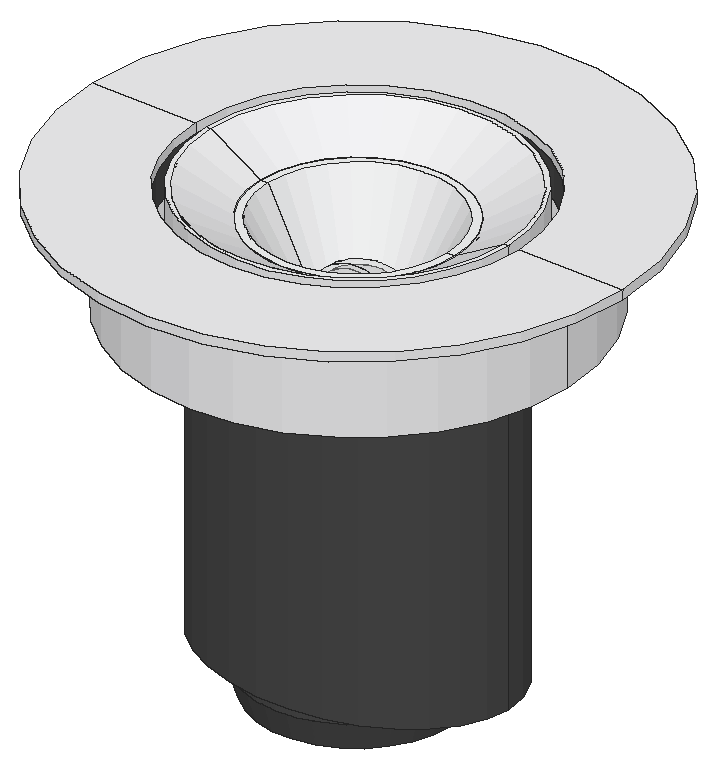
Revit family "Lighting Fixture_Sylvania_Expospot 50 Adjustable_Ceiling Recessed1", category Lighting Fixtures, host Face, Revit 2016
Family settings
  Host = Face
  Part Type = Normal
  Round Connector Dimension = Use Diameter
  OmniClass Number = 23.80.70.11.17
  OmniClass Title = Specialized Lighting by Location or Use
  Cut with Voids When Loaded = No
  Light Source = No
  Shared = No
  Room Calculation Point = No
Parameters (values of type "EXPOSPOT 50 ADJ 80 3K NB WHT")
  Weight = 0.52 kg  # constant formula
  Total Power Consumption = 12.9997 W
  Reflector Material = Aluminum_Sylvania_Expospot_Polished
  Radius = Diameter / 2  # 60.5 mm
  Product Code = "0060213"
  Photometric Web File = IES_Expospot_50_Adjustable : 0060213
  Photobiological Risk Group = "RG1"  # constant formula
  Nominal Frequency = "50/60Hz"  # constant formula
  Mounting Outer Radius = Head Radius + 3.0 mm  # 37.5 mm
  Max. Luminaires per 20A C Breaker = "78"  # constant formula
  Max. Luminaires per 20A B Breaker = "47"  # constant formula
  Max. Luminaires per 16A C Breaker = "61"  # constant formula
  Max. Luminaires per 16A B Breaker = "37"  # constant formula
  Max. Luminaires per 13A C Breaker = "50"  # constant formula
  Max. Luminaires per 13A B Breaker = "30"  # constant formula
  Max. Luminaires per 10A C Breaker = "38"  # constant formula
  Max. Luminaires per 10A B Breaker = "23"  # constant formula
  Light Loss Factor = 1  # constant formula
  Lamp Power Factor = 0.83  # constant formula
  LOR = "100%"  # constant formula
  Inrush Duration = "199µs"  # constant formula
  Inrush Current = 17 A  # constant formula
  Initial Intensity = 1352 lm
  Initial Color = 3000 K
  IP Rating = "IP20"  # constant formula
  IK Rating = "IK02"  # constant formula
  Height = 103.0 mm  # constant formula
  Voltage Comments = "220-240V~"  # constant formula
  Voltage = 240 V  # constant formula
  URL = "http://www.sylvania-lighting.com/product/en-int/category/interior-lighting/accent-downlights/families/expospot-led/expospot-50-adjustable"
  Product Page URL = "http://www.sylvania-lighting.com/product/en-int/products/0060213"
  Product Family = "EXPOSPOT 50 ADJUSTABLE"  # constant formula
  Head Radius = Radius - 26.0 mm  # 34.5 mm
  Head Diameter = Head Radius * 2  # 69.0 mm
  Head Angle [instance] = 0°
  Glow Wire Test = 850 °C  # constant formula
  Electrical Protection = "Class II"  # constant formula
  Drive Current = "300mA"  # constant formula
  Dimmable = "N"  # constant formula
  Diffuser Material = Acrylic_Sylvania_Expospot_3000K
  Diameter = 121.0 mm  # constant formula
  Cutout Diameter = Diameter - 11.0 mm  # 110.0 mm
  Created by URL = "http://all1studio.com/"
  Created by = "All 1 Studio Ltd. "  # constant formula
  Control Gear Type = "Electronic"  # constant formula
  Control Gear Required = "No"  # constant formula
  Control Gear Mounting = "Remote"  # constant formula
  Colour Variation Initial = "3SDCM"  # constant formula
  built-in parameter 1114216 [instance] = 1 (stored number, unit not read)
  Model = "EXPOSPOT 50 ADJ 80 3K NB WHT"
  Manufacturer = "Feilo Sylvania"  # constant formula
  Lamp = "LED"  # constant formula
  CRI = "80Ra"
  Body Material = Aluminum_Sylvania_Expospot_White
  Description = "Specifically designed for Retail and Display applications. I.e. Supermarkets Fashion Retail Department stores. Build around a 50mm reflector and lens combination."  # constant formula
  Default Elevation = 0.0 mm
  built-in parameter 1140040 [instance] = 1
  Beam Angle = 22°
  Average Life = "50 000h"  # constant formula
  Assembly Code = "D5020200"
  Apparent Load Comments = ""
  Apparent Load = 12.9997 VA
  Body Secondary Material = Plastic_Sylvania_Expospot_Black
Types (12, lengths in mm): name | Product Code | Photometric Web File | Initial Intensity | Initial Color | Product Page URL | Diffuser Material | Model | CRI | Beam Angle
  EXPOSPOT 50 ADJ 90 4K WB WHT | "0060224" | IES_Expospot_50_Adjustable : 0060224 | 1216 lm | 4000 K | "http://www.sylvania-lighting.com/product/en-int/products/0060224" | Acrylic_Sylvania_Expospot_4000K | "EXPOSPOT 50 ADJ 90 4K WB WHT" | "90Ra" | 41°
  EXPOSPOT 50 ADJ 90 4K MB WHT | "0060223" | IES_Expospot_50_Adjustable : 0060223 | 1156 lm | 4000 K | "http://www.sylvania-lighting.com/product/en-int/products/0060223" | Acrylic_Sylvania_Expospot_4000K | "EXPOSPOT 50 ADJ 90 4K MB WHT" | "90Ra" | 33°
  EXPOSPOT 50 ADJ 90 4K NB WHT | "0060222" | IES_Expospot_50_Adjustable : 0060222 | 1141 lm | 4000 K | "http://www.sylvania-lighting.com/product/en-int/products/0060222" | Acrylic_Sylvania_Expospot_4000K | "EXPOSPOT 50 ADJ 90 4K NB WHT" | "90Ra" | 22°
  EXPOSPOT 50 ADJ 90 3K WB WHT | "0060221" | IES_Expospot_50_Adjustable : 0060221 | 1114 lm | 3000 K | "http://www.sylvania-lighting.com/product/en-int/products/0060221" | Acrylic_Sylvania_Expospot_3000K | "EXPOSPOT 50 ADJ 90 3K WB WHT" | "90Ra" | 45°
  EXPOSPOT 50 ADJ 90 3K MB WHT | "0060220" | IES_Expospot_50_Adjustable : 0060220 | 1098 lm | 3000 K | "http://www.sylvania-lighting.com/product/en-int/products/0060220" | Acrylic_Sylvania_Expospot_3000K | "EXPOSPOT 50 ADJ 90 3K MB WHT" | "90Ra" | 33°
  EXPOSPOT 50 ADJ 90 3K NB WHT | "0060219" | IES_Expospot_50_Adjustable : 0060219 | 1147 lm | 3000 K | "http://www.sylvania-lighting.com/product/en-int/products/0060219" | Acrylic_Sylvania_Expospot_3000K | "EXPOSPOT 50 ADJ 90 3K NB WHT" | "90Ra" | 22°
  EXPOSPOT 50 ADJ 80 4K WB WHT | "0060218" | IES_Expospot_50_Adjustable : 0060218 | 1363 lm | 4000 K | "http://www.sylvania-lighting.com/product/en-int/products/0060218" | Acrylic_Sylvania_Expospot_4000K | "EXPOSPOT 50 ADJ 80 4K WB WHT" | "80Ra" | 50°
  EXPOSPOT 50 ADJ 80 4K MB WHT | "0060217" | IES_Expospot_50_Adjustable : 0060217 | 1420 lm | 4000 K | "http://www.sylvania-lighting.com/product/en-int/products/0060217" | Acrylic_Sylvania_Expospot_4000K | "EXPOSPOT 50 ADJ 80 4K MB WHT" | "80Ra" | 32°
  EXPOSPOT 50 ADJ 80 4K NB WHT | "0060216" | IES_Expospot_50_Adjustable : 0060216 | 1401 lm | 4000 K | "http://www.sylvania-lighting.com/product/en-int/products/0060216" | Acrylic_Sylvania_Expospot_4000K | "EXPOSPOT 50 ADJ 80 4K NB WHT" | "80Ra" | 22°
  EXPOSPOT 50 ADJ 80 3K WB WHT | "0060215" | IES_Expospot_50_Adjustable : 0060215 | 1297 lm | 3000 K | "http://www.sylvania-lighting.com/product/en-int/products/0060215" | Acrylic_Sylvania_Expospot_3000K | "EXPOSPOT 50 ADJ 80 3K WB WHT" | "80Ra" | 51°
  EXPOSPOT 50 ADJ 80 3K MB WHT | "0060214" | IES_Expospot_50_Adjustable : 0060214 | 1315 lm | 3000 K | "http://www.sylvania-lighting.com/product/en-int/products/0060214" | Acrylic_Sylvania_Expospot_3000K | "EXPOSPOT 50 ADJ 80 3K MB WHT" | "80Ra" | 35°
  EXPOSPOT 50 ADJ 80 3K NB WHT | "0060213" | IES_Expospot_50_Adjustable : 0060213 | 1352 lm | 3000 K | "http://www.sylvania-lighting.com/product/en-int/products/0060213" | Acrylic_Sylvania_Expospot_3000K | "EXPOSPOT 50 ADJ 80 3K NB WHT" | "80Ra" | 22°
Reference planes
  plane 1 "Center (Front/Back)": y = 0
  plane 2: z = 0
  plane 3 "Center (Left/Right)": x = -7.423
  plane 4: z = 2
  plane 5: z = -22.5
  plane 6: x = -67.923
  plane 7: z = -5
Forms (mm)
  Revolve 1, solid, material "Aluminum_Sylvania_Expospot_White" <- "Body Material", detail levels fine
    sketch origin (0, 0, 0) x (1, 0, 0) y (0, 0, 1)
      loop
        line (-67.923, 2) -> (-67.923, 0) -> (-55.423, 0) -> (-55.423, -22.5) -> (-53.423, -22.5) -> (-53.423, 0) -> (-44.423, 0) -> (-44.423, 2) -> (-67.923, 2)
      axis (-7.423, 2) -> (-7.423, -22.5)
    angle from 0 to 360
  Revolve 2, solid, material "Plastic_Sylvania_Expospot_Black" <- "Body Secondary Material", detail levels fine
    sketch origin (0, 0, 0) x (1, 0, 0) y (0, 0, 1)
      loop
        line (-53.423, 0) -> (-53.423, -1.5) -> (-46.423, -1.5) -> (-46.423, -8.5) -> (-44.923, -8.5) -> (-44.923, 0) -> (-53.423, 0)
      axis (-7.423, 0) -> (-7.423, -8.5)
    angle from 0 to 360
  Extrusion 3, void
    sketch origin (0, 0, 0) x (1, 0, 0) y (0, 1, 0)
      loop
        circle (-7.423, 0) r 55
    from -116.997 to 69.443
  Extrusion 4, solid, material "Aluminum_Sylvania_Expospot_White" <- "Body Material", detail levels fine
    sketch origin (-7.423, 0, 0) x (0, 1, 0) y (0, 0, 1)
      loop
        circle (0, -5) r 3.5
    from 34.5 <- "Head Radius" to 37.5 <- "Mounting Outer Radius"
  Extrusion 5, solid, material "Aluminum_Sylvania_Expospot_White" <- "Body Material", detail levels fine
    sketch origin (-7.423, 0, 0) x (0, 1, 0) y (0, 0, -1)
      loop
        circle (0, 5) r 3.5
    from 34.5 <- "Head Radius" to 37.5 <- "Mounting Outer Radius"
  Revolve 6, solid, material "Aluminum_Sylvania_Expospot_White" <- "Body Material", detail levels coarse+medium
    sketch origin (0, 0, 0) x (1, 0, 0) y (0, 0, 1)
      loop
        line (-67.923, 2) -> (-67.923, 0) -> (-55.423, 0) -> (-55.423, -22.5) -> (-53.423, -22.5) -> (-53.423, -8.5) -> (-44.423, -8.5) -> (-44.423, 2) -> (-67.923, 2)
      axis (-7.423, 2) -> (-7.423, -22.5)
    angle from 0 to 360
Lines and regions (mm)
  Masking region 1
    outline origin (0, 0, 0) x (1, 0, 0) y (0, 1, 0)
      loop
        circle (-7.423, 0) r 60.5
  reference lines
    curve 1: line (-7.423, 0, -5) -> (-7.423, 0, -60)
  symbolic lines, detail levels fine
    curve 2: arc (-44.423, 0, 0) -> (-7.423, 37, 0) -> (29.577, 0, 0) r 37
    curve 3: arc (29.577, 0, 0) -> (-7.423, -37, 0) -> (-44.423, 0, 0) r 37
Dimensions and locks
  plane 4 to plane 2 to plane 7 to plane 5 = 2.0 mm locked, 5.0 mm locked, 17.5 mm locked
  "Radius": plane 6 to plane 3 "Center (Left/Right)"
  "Cutout Diameter": diameter of Extrusion 3 sketch curve
  "Head Angle": angle plane 1 "Center (Front/Back)" to curve 1
  aligned and locked: host face to plane 2
  aligned and locked: host face to level
  aligned and locked: plane 6 to Revolve 1 sketch curve
  aligned and locked: Revolve 1 sketch curve to plane 3 "Center (Left/Right)"
  aligned and locked: plane 1 "Center (Front/Back)" to curve 1
  aligned and locked: plane 7 to curve 1
  aligned and locked: plane 6 to Revolve 6 sketch curve
Automatic sketch dimensions
  host sketch curve to host sketch curve = 1412.252 mm
  host sketch curve to host sketch curve = 1359.6 mm
  Revolve 1 sketch curve to level = 0.0 mm  (x2)
  Revolve 1 sketch curve to plane 5 = 0.0 mm
  Revolve 1 sketch curve to plane 4 = 0.0 mm
  Revolve 1 sketch curve to Revolve 1 sketch curve = 12.5 mm
  Revolve 1 sketch curve to Revolve 1 sketch curve = 2.0 mm
  Revolve 1 sketch curve to Revolve 1 sketch curve = 9.0 mm
  Revolve 1 sketch curve to plane 5 = 349.774 mm
  plane 4 to Revolve 1 sketch curve = 1145.706 mm
  Revolve 2 sketch curve to level = 0.0 mm
  Revolve 2 sketch curve to plane 3 "Center (Left/Right)" = 0.0 mm
  Revolve 2 sketch curve to plane 6 = 23.0 mm
  Revolve 2 sketch curve to Revolve 2 sketch curve = 1.5 mm
  Revolve 2 sketch curve to level = 1.5 mm
  Revolve 2 sketch curve to Revolve 2 sketch curve = 7.0 mm
  Revolve 2 sketch curve to plane 7 = 3.5 mm
  Revolve 2 sketch curve to plane 5 = 349.774 mm
  plane 4 to Revolve 2 sketch curve = 1145.706 mm
  plane 1 "Center (Front/Back)" to Extrusion 3 sketch curve = 0.0 mm
  Extrusion 3 sketch curve to plane 3 "Center (Left/Right)" = 0.0 mm
  Extrusion 4 sketch curve to plane 1 "Center (Front/Back)" = 0.0 mm
  Extrusion 4 sketch curve to plane 7 = 0.0 mm
  Extrusion 5 sketch curve to plane 1 "Center (Front/Back)" = 0.0 mm
  Extrusion 5 sketch curve to plane 7 = 0.0 mm
  Revolve 6 sketch curve to level = 0.0 mm
  Revolve 6 sketch curve to plane 5 = 0.0 mm
  Revolve 6 sketch curve to plane 4 = 0.0 mm
  Revolve 6 sketch curve to plane 3 "Center (Left/Right)" = 0.0 mm
  Revolve 6 sketch curve to plane 6 = 12.5 mm
  Revolve 6 sketch curve to plane 7 = 3.5 mm
  Revolve 6 sketch curve to Revolve 6 sketch curve = 9.0 mm
  Revolve 6 sketch curve to plane 5 = 349.774 mm
  plane 4 to Revolve 6 sketch curve = 1145.706 mm
  Revolve 6 sketch curve to Revolve 6 sketch curve = 2.0 mm
  Masking region 1 sketch curve to Masking region 1 sketch curve = 0.0 mm  (x2)
  plane 1 "Center (Front/Back)" to Masking region 1 sketch curve = 0.0 mm
  Masking region 1 sketch curve to plane 6 = 0.0 mm
  Masking region 1 sketch curve to plane 3 "Center (Left/Right)" = 0.0 mm
  curve 2 to curve 3 = 0.0 mm  (x2)
  plane 1 "Center (Front/Back)" to curve 2 = 0.0 mm
  curve 3 to plane 3 "Center (Left/Right)" = 0.0 mm
  curve 3 to plane 6 = 23.5 mm
  radius of Extrusion 4 sketch curve = 3.5 mm
  radius of Extrusion 5 sketch curve = 3.5 mm
Nested families
  nested 1: "Head_Expospot 50" at (-7.423, 0, 2), type "Head_Expospot 50"
  nested 2: "IES_Expospot_50_Adjustable" at (-7.423, 0, 2), type <- "Photometric Web File", type "0060213"
Connectors
  electrical at (-7.423, 0, -101), driven by "Voltage", driven by "Apparent Load", driven by "Lamp Power Factor"
    settings: on nested 1, index 1, voltage 240 V, apparent load 0 VA, apparent load phase1 12.9997 VA, apparent load phase2 0 VA, apparent load phase3 0 VA, power factor 0.83, load classification "Lighting", number of poles 1, system type 31, power factor state 1, is connector primary yes, connector utility no, sub classification motor no, connector description ""
Definition of nested family "Head_Expospot 50"
  Parameters (values of type "Head_Expospot 50")
    Reflector Material = none
    Radius = 34.5 mm
    Height = 103.0 mm
    Diffuser Material = none
    Default Elevation = 0.0 mm
    Cooling Y Axis = Radius - 10.0 mm  # 24.5 mm
    Cooling X Axis = Radius  # 34.5 mm
    Body Secondary Material = none
    Body Material = none
  Reference planes
    plane 1 "Center (Front/Back)": y = 0
    plane 2: z = 0
    plane 3 "Center (Left/Right)": x = 0
    plane 4: z = -24.5
    plane 5: z = -6.5
    plane 6 "Fixture Radius": x = -34.5
    plane 7 "Diffuser Radius": x = -11
    plane 8: z = -29.5
    plane 9: z = -95
    plane 10: z = -103
  Forms (mm)
    Revolve 1, solid, material <- "Body Material", detail levels fine
      sketch origin (0, 0, 0) x (1, 0, 0) y (0, 0, 1)
        loop
          line (-34.5, 0) -> (-34.5, -24.5) -> (-32.5, -24.5) -> (-32.5, -2.887) -> (-24.51, -7.5) -> (-22.242, -7.5) -> (-22.242, -6.5) -> (-33.5, 0) -> (-34.5, 0)
        axis (0, 0) -> (0, -24.5)
      angle from 0 to 360
    Revolve 2, solid, material <- "Reflector Material", detail levels fine
      sketch origin (0, 0, 0) x (1, 0, 0) y (0, 0, 1)
        loop
          line (-22.242, -7.5) -> (-13.262, -24.5) -> (-11, -24.5) -> (-20.508, -6.5) -> (-22.242, -6.5) -> (-22.242, -7.5)
        axis (0, -6.5) -> (0, -24.5)
      angle from 0 to 360
    Revolve 3, solid, material <- "Diffuser Material", detail levels fine
      sketch origin (0, 0, 0) x (1, 0, 0) y (0, 0, 1)
        loop
          line (-11, -24.5) -> (-9.944, -24.5)
          arc (-9.944, -24.5) -> (-6.08, -19.426) -> (0, -17.5) r 10.562
          line (0, -17.5) -> (0, -16.5)
          arc (0, -16.5) -> (-6.801, -18.711) -> (-11, -24.5) r 11.562
        axis (0, -16.5) -> (0, -24.5)
      angle from 0 to 360
    Revolve 4, solid, material <- "Body Secondary Material", detail levels fine
      sketch origin (0, 0, 0) x (1, 0, 0) y (0, 0, 1)
        loop
          line (-32.5, -15.698) -> (-32.5, -24.5) -> (-28, -24.5) -> (-26.66, -29.5) -> (0, -29.5) -> (0, -24.5) -> (-21, -24.5) -> (-21, -28.5) -> (-25.893, -28.5) -> (-27.233, -23.5) -> (-31.5, -23.5) -> (-31.5, -15.698) -> (-32.5, -15.698)
        axis (0, -15.698) -> (0, -29.5)
      angle from 0 to 360
    Revolve 5, solid, material <- "Body Secondary Material", detail levels fine
      sketch origin (0, 0, 0) x (1, 0, 0) y (0, 0, 1)
        loop
          line (-23.5, -95) -> (-23.5, -97) -> (-21.5, -103) -> (0, -103) -> (0, -95) -> (-23.5, -95)
        axis (0, -95) -> (0, -103)
      angle from 0 to 360
    Extrusion 6, solid, material <- "Body Secondary Material", detail levels fine
      sketch origin (0, 0, 0) x (1, 0, 0) y (0, 1, 0)
        loop
          spline (34.5, 0) -> (33.324, 6.341) -> (29.878, 12.25) -> (24.395, 17.324) -> (17.25, 21.218) -> (8.929, 23.665) -> (0, 24.5) -> (-8.929, 23.665) -> (-17.25, 21.218) -> (-24.395, 17.324) -> (-29.878, 12.25) -> (-33.324, 6.341) -> (-34.5, 0)
          spline (-34.5, 0) -> (-33.324, -6.341) -> (-29.878, -12.25) -> (-24.395, -17.324) -> (-17.25, -21.218) -> (-8.929, -23.665) -> (0, -24.5) -> (8.929, -23.665) -> (17.25, -21.218) -> (24.395, -17.324) -> (29.878, -12.25) -> (33.324, -6.341) -> (34.5, 0)
      from -95 to -29.5
    Extrusion 7, solid, material <- "Body Material", detail levels coarse+medium
      sketch origin (0, 0, 0) x (1, 0, 0) y (0, 1, 0)
        loop
          circle (0, 0) r 34.5
      from -103 to 0
  Dimensions and locks
    "Radius": plane 3 "Center (Left/Right)" to plane 6 "Fixture Radius"
    locked: plane 7 "Diffuser Radius" to plane 6 "Fixture Radius" at 23.5
    Revolve 3 sketch curve to Revolve 3 sketch curve to plane 4 = 1.0 mm locked, 7.0 mm locked
    locked: plane 9 to plane 10 at 8
    plane 2 to plane 5 to plane 4 to plane 8 = 6.5 mm locked, 18.0 mm locked, 5.0 mm locked
    locked: Revolve 5 sketch curve to plane 6 "Fixture Radius" at 11
    "Cooling Y Axis": plane 1 "Center (Front/Back)" to Extrusion 6 sketch curve
    "Cooling X Axis": Extrusion 6 sketch curve to plane 3 "Center (Left/Right)"
    "Height": plane 2 to plane 10
    "Radius": radius of Extrusion 7 sketch curve
    aligned and locked: level to plane 2
    aligned and locked: Revolve 1 sketch curve to plane 6 "Fixture Radius"
    aligned and locked: Extrusion 6 to plane 9
    aligned and locked: plane 8 to Extrusion 6
    aligned and locked: Extrusion 7 to plane 10
    aligned and locked: plane 2 to Extrusion 7
  Automatic sketch dimensions
    Revolve 1 sketch curve to level = 0.0 mm
    Revolve 1 sketch curve to plane 4 = 0.0 mm
    Revolve 1 sketch curve to plane 5 = 0.0 mm
    Revolve 1 sketch curve to plane 3 "Center (Left/Right)" = 0.0 mm
    plane 6 "Fixture Radius" to Revolve 1 sketch curve = 1.0 mm
    Revolve 1 sketch curve to Revolve 1 sketch curve = 2.0 mm
    Revolve 1 sketch curve to plane 5 = 1.0 mm
    Revolve 1 sketch curve to Revolve 1 sketch curve = 7.99 mm
    Revolve 1 sketch curve to Revolve 1 sketch curve = 2.268 mm
    Revolve 1 sketch curve to level = 2.887 mm
    Revolve 1 sketch curve to plane 4 = 341.545 mm
    level to Revolve 1 sketch curve = 2214.315 mm
    Revolve 2 sketch curve to plane 5 = 0.0 mm
    Revolve 2 sketch curve to plane 7 "Diffuser Radius" = 0.0 mm
    Revolve 2 sketch curve to plane 3 "Center (Left/Right)" = 0.0 mm
    Revolve 2 sketch curve to plane 7 "Diffuser Radius" = 9.508 mm
    Revolve 2 sketch curve to plane 5 = 1.0 mm
    Revolve 2 sketch curve to Revolve 2 sketch curve = 1.733 mm
    Revolve 2 sketch curve to plane 7 "Diffuser Radius" = 2.262 mm
    Revolve 2 sketch curve to plane 4 = 0.0 mm
    Revolve 2 sketch curve to Revolve 2 sketch curve = 341.545 mm
    level to Revolve 2 sketch curve = 2214.315 mm
    Revolve 3 sketch curve to Revolve 3 sketch curve = 0.0 mm
    Revolve 3 sketch curve to plane 4 = 0.0 mm
    Revolve 3 sketch curve to plane 7 "Diffuser Radius" = 0.0 mm
    Revolve 3 sketch curve to plane 3 "Center (Left/Right)" = 0.0 mm
    Revolve 4 sketch curve to plane 4 = 0.0 mm  (x2)
    Revolve 4 sketch curve to plane 3 "Center (Left/Right)" = 0.0 mm
    plane 8 to Revolve 4 sketch curve = 1.0 mm
    Revolve 4 sketch curve to plane 7 "Diffuser Radius" = 10.0 mm
    Revolve 4 sketch curve to Revolve 4 sketch curve = 4.893 mm
    Revolve 4 sketch curve to Revolve 4 sketch curve = 0.767 mm  (x2)
    plane 4 to Revolve 4 sketch curve = 1.0 mm
    Revolve 4 sketch curve to Revolve 4 sketch curve = 1.34 mm
    plane 6 "Fixture Radius" to Revolve 4 sketch curve = 3.0 mm
    Revolve 4 sketch curve to Revolve 4 sketch curve = 1.0 mm
    Revolve 4 sketch curve to Revolve 4 sketch curve = 7.802 mm
    Revolve 4 sketch curve to plane 8 = 0.0 mm
    Revolve 5 sketch curve to plane 9 = 0.0 mm
    Revolve 5 sketch curve to plane 10 = 0.0 mm
    Revolve 5 sketch curve to plane 3 "Center (Left/Right)" = 0.0 mm
    Revolve 5 sketch curve to plane 9 = 2.0 mm
    Revolve 5 sketch curve to Revolve 5 sketch curve = 2.0 mm
    plane 1 "Center (Front/Back)" to Extrusion 6 sketch curve = 0.0 mm
    Extrusion 6 sketch curve to plane 3 "Center (Left/Right)" = 0.0 mm
    plane 1 "Center (Front/Back)" to Extrusion 7 sketch curve = 0.0 mm
    Extrusion 7 sketch curve to plane 3 "Center (Left/Right)" = 0.0 mm
Definition of nested family "IES_Expospot_50_Adjustable"
  Parameters (values of type "0060213")
    Wattage = 13 W
    built-in parameter 1150110 = 1 (stored number, unit not read)
    Total Power Consumption = 12.9997 W
    built-in parameter 1114217 = 1 (stored number, unit not read)
    Tilt Angle = -90°
    built-in parameter 1150109 = 1 (stored number, unit not read)
    built-in parameter 1150134 = (empty or 0)
    built-in parameter 1150113 = 1 (stored number, unit not read)
    Photometric Web File = "0060213.ies"
    built-in parameter 1150105 = 2095.6 (stored number, unit not read)
    Lumens = 1352 lm
    built-in parameter 1150115 = 1 (stored number, unit not read)
    built-in parameter 1150137 = (empty or 0)
    built-in parameter 1150139 = (empty or 0)
    built-in parameter 1150112 = 1 (stored number, unit not read)
    built-in parameter 1150114 = 1 (stored number, unit not read)
    built-in parameter 1150132 = 2
    built-in parameter 1150102 = (empty or 0)
    built-in parameter 1150107 = 3000 (stored number, unit not read)
    built-in parameter 1150138 = (empty or 0)
    built-in parameter 1150106 = 20.956 (stored number, unit not read)
    Emit from Circle Diameter = 69.0 mm
    Emit Shape Visible in Rendering = no
    built-in parameter 1150104 = 9.6619 (stored number, unit not read)
    Dimming Lamp Color Temperature Shift = (empty or 0)
    Default Elevation = 0.0 mm
    Color Filter = 16777215
    built-in parameter 1114218 = 1 (stored number, unit not read)
    built-in parameter 1150133 = 10 (stored number, unit not read)
    Apparent Load = 12.9997 VA
  Types (12, lengths in mm): name | Wattage | built-in parameter 1150134 | Photometric Web File | built-in parameter 1150105 | Lumens | built-in parameter 1150107 | built-in parameter 1150106 | built-in parameter 1150104
    0060224 | 12.9997 W | 12 | "0060224.ies" | 96.766 (stored number, unit not read) | 1216 lm | 4000 (stored number, unit not read) | 0.96766 (stored number, unit not read) | 8.6902 (stored number, unit not read)
    0060223 | 12.9997 W | 12 | "0060223.ies" | 91.992 (stored number, unit not read) | 1156 lm | 4000 (stored number, unit not read) | 0.91992 (stored number, unit not read) | 8.2614 (stored number, unit not read)
    0060222 | 12.9997 W | 12 | "0060222.ies" | 90.798 (stored number, unit not read) | 1141 lm | 4000 (stored number, unit not read) | 0.90798 (stored number, unit not read) | 8.1542 (stored number, unit not read)
    0060221 | 12.9997 W | (empty or 0) | "0060221.ies" | 88.649 (stored number, unit not read) | 1114 lm | 3000 (stored number, unit not read) | 0.88649 (stored number, unit not read) | 7.9612 (stored number, unit not read)
    0060220 | 12.9997 W | (empty or 0) | "0060220.ies" | 87.376 (stored number, unit not read) | 1098 lm | 3000 (stored number, unit not read) | 0.87376 (stored number, unit not read) | 7.8469 (stored number, unit not read)
    0060219 | 12.9997 W | (empty or 0) | "0060219.ies" | 91.275 (stored number, unit not read) | 1147 lm | 3000 (stored number, unit not read) | 0.91275 (stored number, unit not read) | 8.1971 (stored number, unit not read)
    0060218 | 12.9997 W | 12 | "0060218.ies" | 108.46 (stored number, unit not read) | 1363 lm | 4000 (stored number, unit not read) | 1.0846 (stored number, unit not read) | 9.7407 (stored number, unit not read)
    0060217 | 12.9997 W | 12 | "0060217.ies" | 113 (stored number, unit not read) | 1420 lm | 4000 (stored number, unit not read) | 1.13 (stored number, unit not read) | 10.148 (stored number, unit not read)
    0060216 | 12.9997 W | 12 | "0060216.ies" | 111.49 (stored number, unit not read) | 1401 lm | 4000 (stored number, unit not read) | 1.1149 (stored number, unit not read) | 10.012 (stored number, unit not read)
    0060215 | 12.9997 W | (empty or 0) | "0060215.ies" | 103.21 (stored number, unit not read) | 1297 lm | 3000 (stored number, unit not read) | 1.0321 (stored number, unit not read) | 9.2691 (stored number, unit not read)
    0060214 | 12.9997 W | (empty or 0) | "0060214.ies" | 104.64 (stored number, unit not read) | 1315 lm | 3000 (stored number, unit not read) | 1.0464 (stored number, unit not read) | 9.3977 (stored number, unit not read)
    0060213 | 13 W | (empty or 0) | "0060213.ies" | 2095.6 (stored number, unit not read) | 1352 lm | 3000 (stored number, unit not read) | 20.956 (stored number, unit not read) | 9.6619 (stored number, unit not read)
  Reference planes
    plane 1 "Center (Front/Back)": y = 0
    plane 2: z = 0
    plane 3 "Center (Left/Right)": x = 0
  Dimensions and locks
    aligned and locked: level to plane 2
    aligned and locked: plane 3 "Center (Left/Right)" to imposter light
    aligned and locked: plane 1 "Center (Front/Back)" to imposter light
    aligned and locked: level to imposter light
